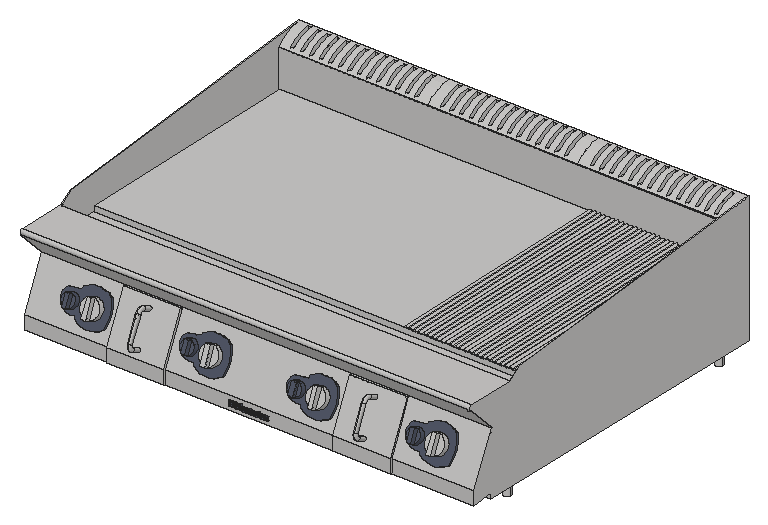
Revit family "QF_ELECTROLUXPROFESSIONAL_391406_E9IIKAAOMIA", category Specialty Equipment, Revit 2018 (continued)
Automatic sketch dimensions
  Extrusion 3 sketch curve to Extrusion 3 sketch curve = 0.938 mm
  Extrusion 3 sketch curve to Extrusion 3 sketch curve = 0.444 mm
  Extrusion 3 sketch curve to Extrusion 3 sketch curve = 1.11 mm  (x3)
  Extrusion 3 sketch curve to Extrusion 3 sketch curve = 0.215 mm
  Extrusion 3 sketch curve to plane 7 "Center Y" = 1.405 mm
  Extrusion 3 sketch curve to Extrusion 3 sketch curve = 1.43 mm
  Extrusion 3 sketch curve to Extrusion 3 sketch curve = 1.188 mm
  Extrusion 3 sketch curve to Extrusion 3 sketch curve = 1.21 mm  (x2)
  Extrusion 3 sketch curve to Extrusion 3 sketch curve = 0.503 mm
  Extrusion 3 sketch curve to Extrusion 3 sketch curve = 0.488 mm
  Extrusion 3 sketch curve to Extrusion 3 sketch curve = 0.462 mm
  Extrusion 3 sketch curve to Extrusion 3 sketch curve = 1.386 mm
  Extrusion 3 sketch curve to Extrusion 3 sketch curve = 1.742 mm  (x2)
  Extrusion 3 sketch curve to Extrusion 3 sketch curve = 0.821 mm
  Extrusion 3 sketch curve to Extrusion 3 sketch curve = 0.497 mm
  Extrusion 3 sketch curve to Extrusion 3 sketch curve = 0.539 mm
  Extrusion 3 sketch curve to Extrusion 3 sketch curve = 0.199 mm
  Extrusion 3 sketch curve to Extrusion 3 sketch curve = 0.408 mm
  Extrusion 3 sketch curve to Extrusion 3 sketch curve = 0.528 mm
  Extrusion 3 sketch curve to Extrusion 3 sketch curve = 1.16 mm
  Extrusion 3 sketch curve to Extrusion 3 sketch curve = 0.329 mm
  Extrusion 3 sketch curve to Extrusion 3 sketch curve = 1.054 mm
  Extrusion 3 sketch curve to Extrusion 3 sketch curve = 1.056 mm
  Extrusion 3 sketch curve to Extrusion 3 sketch curve = 0.129 mm
  Extrusion 3 sketch curve to Extrusion 3 sketch curve = 0.489 mm
  Extrusion 3 sketch curve to Extrusion 3 sketch curve = 0.441 mm
  Extrusion 3 sketch curve to Extrusion 3 sketch curve = 1.151 mm
  Extrusion 3 sketch curve to Extrusion 3 sketch curve = 1.141 mm  (x2)
  Extrusion 3 sketch curve to Extrusion 3 sketch curve = 1.23 mm
  Extrusion 3 sketch curve to Extrusion 3 sketch curve = 1.653 mm
  Extrusion 3 sketch curve to Extrusion 3 sketch curve = 0.499 mm
  Extrusion 3 sketch curve to Extrusion 3 sketch curve = 0.964 mm
  Extrusion 3 sketch curve to Extrusion 3 sketch curve = 0.949 mm
  Extrusion 3 sketch curve to Extrusion 3 sketch curve = 1.345 mm  (x2)
  Extrusion 3 sketch curve to Extrusion 3 sketch curve = 0.137 mm  (x2)
  Extrusion 3 sketch curve to Extrusion 3 sketch curve = 0.432 mm
  Extrusion 3 sketch curve to Extrusion 3 sketch curve = 1.142 mm
  Extrusion 3 sketch curve to Extrusion 3 sketch curve = 0.959 mm
  Extrusion 3 sketch curve to Extrusion 3 sketch curve = 0.176 mm
  Extrusion 3 sketch curve to Extrusion 3 sketch curve = 0.728 mm
  Extrusion 3 sketch curve to Extrusion 3 sketch curve = 3.375 mm  (x2)
  Extrusion 3 sketch curve to Extrusion 3 sketch curve = 0.541 mm
  Extrusion 3 sketch curve to Extrusion 3 sketch curve = 0.955 mm
  Extrusion 3 sketch curve to Extrusion 3 sketch curve = 1.251 mm
  Extrusion 3 sketch curve to Extrusion 3 sketch curve = 0.572 mm
  Extrusion 3 sketch curve to Extrusion 3 sketch curve = 1.92 mm
  Extrusion 3 sketch curve to Extrusion 3 sketch curve = 1.224 mm
  Extrusion 3 sketch curve to Extrusion 3 sketch curve = 0.745 mm
  Extrusion 3 sketch curve to Extrusion 3 sketch curve = 2.537 mm
  Extrusion 3 sketch curve to Extrusion 3 sketch curve = 0.896 mm  (x3)
  Extrusion 3 sketch curve to Extrusion 3 sketch curve = 0.036 mm
  Extrusion 3 sketch curve to Extrusion 3 sketch curve = 2.607 mm
  Extrusion 3 sketch curve to Extrusion 3 sketch curve = 0.066 mm
  Extrusion 3 sketch curve to Extrusion 3 sketch curve = 0.248 mm
  Extrusion 3 sketch curve to Extrusion 3 sketch curve = 0.449 mm
  Extrusion 3 sketch curve to Extrusion 3 sketch curve = 1.052 mm
  Extrusion 3 sketch curve to Extrusion 3 sketch curve = 1.863 mm
  Extrusion 3 sketch curve to Extrusion 3 sketch curve = 1.31 mm  (x2)
  Extrusion 3 sketch curve to Extrusion 3 sketch curve = 0.901 mm
  Extrusion 3 sketch curve to Extrusion 3 sketch curve = 1.107 mm
  Extrusion 3 sketch curve to Extrusion 3 sketch curve = 2.122 mm
  Extrusion 3 sketch curve to Extrusion 3 sketch curve = 2.101 mm
  Extrusion 3 sketch curve to Extrusion 3 sketch curve = 0.106 mm
  Extrusion 3 sketch curve to Extrusion 3 sketch curve = 0.029 mm
  Extrusion 3 sketch curve to Extrusion 3 sketch curve = 2.09 mm
  Extrusion 3 sketch curve to Extrusion 3 sketch curve = 1.279 mm
  Extrusion 3 sketch curve to Extrusion 3 sketch curve = 2.008 mm
  Extrusion 3 sketch curve to Extrusion 3 sketch curve = 0.738 mm
  Extrusion 3 sketch curve to Extrusion 3 sketch curve = 0.382 mm
  Extrusion 3 sketch curve to Extrusion 3 sketch curve = 0.384 mm
  Extrusion 3 sketch curve to Extrusion 3 sketch curve = 0.002 mm
  Extrusion 3 sketch curve to Extrusion 3 sketch curve = 0.561 mm
  Extrusion 3 sketch curve to Extrusion 3 sketch curve = 0.592 mm
  Extrusion 3 sketch curve to Extrusion 3 sketch curve = 2.692 mm
  Extrusion 3 sketch curve to Extrusion 3 sketch curve = 1.259 mm
  Extrusion 3 sketch curve to Extrusion 3 sketch curve = 0.802 mm
  Extrusion 3 sketch curve to Extrusion 3 sketch curve = 1.024 mm
  Extrusion 3 sketch curve to Extrusion 3 sketch curve = 0.682 mm
  Extrusion 3 sketch curve to Extrusion 3 sketch curve = 5.934 mm
  Extrusion 3 sketch curve to Extrusion 3 sketch curve = 2.186 mm
  Extrusion 3 sketch curve to Extrusion 3 sketch curve = 0.337 mm
  Extrusion 3 sketch curve to Extrusion 3 sketch curve = 0.021 mm
  Extrusion 3 sketch curve to Extrusion 3 sketch curve = 1.005 mm
  Extrusion 3 sketch curve to Extrusion 3 sketch curve = 0.552 mm
  Extrusion 3 sketch curve to Extrusion 3 sketch curve = 0.778 mm
  Extrusion 3 sketch curve to Extrusion 3 sketch curve = 0.063 mm
  Extrusion 3 sketch curve to Extrusion 3 sketch curve = 1.023 mm
  Extrusion 3 sketch curve to Extrusion 3 sketch curve = 3.804 mm
  Extrusion 3 sketch curve to Extrusion 3 sketch curve = 0.486 mm
  Extrusion 3 sketch curve to Extrusion 3 sketch curve = 0.266 mm  (x2)
  Extrusion 3 sketch curve to Extrusion 3 sketch curve = 1.547 mm
  Extrusion 3 sketch curve to Extrusion 3 sketch curve = 0.717 mm  (x2)
  Extrusion 3 sketch curve to Extrusion 3 sketch curve = 1.667 mm
  Extrusion 3 sketch curve to Extrusion 3 sketch curve = 3.174 mm
  Extrusion 3 sketch curve to Extrusion 3 sketch curve = 0.388 mm
  Extrusion 3 sketch curve to Extrusion 3 sketch curve = 1.342 mm
  Extrusion 3 sketch curve to Extrusion 3 sketch curve = 1.521 mm
  Extrusion 3 sketch curve to Extrusion 3 sketch curve = 0.124 mm
  Extrusion 3 sketch curve to Extrusion 3 sketch curve = 0.291 mm
  plane 7 "Center Y" to Extrusion 3 sketch curve = 5.548 mm
  Extrusion 3 sketch curve to Extrusion 3 sketch curve = 1.049 mm  (x2)
  Extrusion 3 sketch curve to Extrusion 3 sketch curve = 1.7 mm
  Extrusion 3 sketch curve to Extrusion 3 sketch curve = 0.894 mm
  Extrusion 3 sketch curve to Extrusion 3 sketch curve = 0.989 mm
  Extrusion 3 sketch curve to Extrusion 3 sketch curve = 1.168 mm
  Extrusion 3 sketch curve to Extrusion 3 sketch curve = 1.594 mm
  Extrusion 3 sketch curve to Extrusion 3 sketch curve = 0.731 mm
  Extrusion 3 sketch curve to Extrusion 3 sketch curve = 1.566 mm
  Extrusion 3 sketch curve to Extrusion 3 sketch curve = 0.064 mm
  plane 7 "Center Y" to Extrusion 3 sketch curve = 6.105 mm
  Extrusion 3 sketch curve to Extrusion 3 sketch curve = 0.556 mm  (x2)
  Extrusion 3 sketch curve to Extrusion 3 sketch curve = 0.48 mm
  Extrusion 3 sketch curve to Extrusion 3 sketch curve = 0.228 mm
  Extrusion 3 sketch curve to Extrusion 3 sketch curve = 1.018 mm
  Extrusion 3 sketch curve to Extrusion 3 sketch curve = 0.787 mm
  Extrusion 3 sketch curve to Extrusion 3 sketch curve = 0.618 mm
  Extrusion 3 sketch curve to Extrusion 3 sketch curve = 1.672 mm
  Extrusion 3 sketch curve to Extrusion 3 sketch curve = 1.361 mm
  Extrusion 3 sketch curve to Extrusion 3 sketch curve = 0.822 mm
  Extrusion 3 sketch curve to Extrusion 3 sketch curve = 0.069 mm
  Extrusion 3 sketch curve to Extrusion 3 sketch curve = 1.88 mm
  Extrusion 3 sketch curve to Extrusion 3 sketch curve = 0.42 mm
  Extrusion 3 sketch curve to Extrusion 3 sketch curve = 0.062 mm
  Extrusion 3 sketch curve to Extrusion 3 sketch curve = 1.355 mm
  Extrusion 3 sketch curve to Extrusion 3 sketch curve = 2.34 mm
  Extrusion 3 sketch curve to Extrusion 3 sketch curve = 0.493 mm
  Extrusion 3 sketch curve to Extrusion 3 sketch curve = 0.136 mm
  Extrusion 3 sketch curve to Extrusion 3 sketch curve = 0.128 mm
  Extrusion 3 sketch curve to Extrusion 3 sketch curve = 3.616 mm
  Extrusion 3 sketch curve to Extrusion 3 sketch curve = 4.207 mm
  Extrusion 3 sketch curve to Extrusion 3 sketch curve = 0.183 mm
  Extrusion 3 sketch curve to Extrusion 3 sketch curve = 0.895 mm
  Extrusion 3 sketch curve to Extrusion 3 sketch curve = 1.314 mm
  Extrusion 3 sketch curve to Extrusion 3 sketch curve = 3.231 mm
  Extrusion 3 sketch curve to Extrusion 3 sketch curve = 1.299 mm
  Extrusion 3 sketch curve to Extrusion 3 sketch curve = 1.214 mm
  Extrusion 3 sketch curve to Extrusion 3 sketch curve = 1.264 mm
  Extrusion 3 sketch curve to Extrusion 3 sketch curve = 0.109 mm
  Extrusion 3 sketch curve to Extrusion 3 sketch curve = 0.357 mm
  Extrusion 3 sketch curve to Extrusion 3 sketch curve = 0.565 mm
  Extrusion 3 sketch curve to Extrusion 3 sketch curve = 2.504 mm
  Extrusion 3 sketch curve to Extrusion 3 sketch curve = 2.459 mm
  Extrusion 3 sketch curve to Extrusion 3 sketch curve = 1.322 mm
  Extrusion 3 sketch curve to Extrusion 3 sketch curve = 2.77 mm
  Extrusion 3 sketch curve to Extrusion 3 sketch curve = 2.51 mm
  Extrusion 3 sketch curve to Extrusion 3 sketch curve = 0.187 mm
  Extrusion 3 sketch curve to Extrusion 3 sketch curve = 2.559 mm
  Extrusion 3 sketch curve to Extrusion 3 sketch curve = 1.556 mm
  Extrusion 3 sketch curve to Extrusion 3 sketch curve = 0.222 mm
  Extrusion 3 sketch curve to Extrusion 3 sketch curve = 1.383 mm
  Extrusion 3 sketch curve to Extrusion 3 sketch curve = 3.114 mm
  Extrusion 3 sketch curve to Extrusion 3 sketch curve = 3.376 mm
  Extrusion 3 sketch curve to Extrusion 3 sketch curve = 0.934 mm
  Extrusion 3 sketch curve to Extrusion 3 sketch curve = 0.191 mm
  Extrusion 3 sketch curve to Extrusion 3 sketch curve = 3.696 mm
  Extrusion 3 sketch curve to Extrusion 3 sketch curve = 2.708 mm
  Extrusion 3 sketch curve to Extrusion 3 sketch curve = 3.333 mm
  Extrusion 3 sketch curve to Extrusion 3 sketch curve = 0.332 mm
  Extrusion 3 sketch curve to Extrusion 3 sketch curve = 1.087 mm
  Extrusion 3 sketch curve to Extrusion 3 sketch curve = 2.23 mm
  Extrusion 3 sketch curve to Extrusion 3 sketch curve = 2.757 mm
  Extrusion 3 sketch curve to Extrusion 3 sketch curve = 0.987 mm
  Extrusion 3 sketch curve to Extrusion 3 sketch curve = 1.529 mm
  Extrusion 3 sketch curve to Extrusion 3 sketch curve = 1.796 mm
  Extrusion 3 sketch curve to Extrusion 3 sketch curve = 2.859 mm
  Extrusion 3 sketch curve to Extrusion 3 sketch curve = 0.853 mm
  Extrusion 3 sketch curve to Extrusion 3 sketch curve = 1.241 mm
  Extrusion 3 sketch curve to Extrusion 3 sketch curve = 2.046 mm  (x2)
  Extrusion 3 sketch curve to Extrusion 3 sketch curve = 2.422 mm
  Extrusion 3 sketch curve to Extrusion 3 sketch curve = 0.27 mm  (x2)
  Extrusion 3 sketch curve to Extrusion 3 sketch curve = 0.69 mm
  Extrusion 3 sketch curve to Extrusion 3 sketch curve = 0.781 mm  (x2)
  Extrusion 3 sketch curve to Extrusion 3 sketch curve = 3.136 mm
  Extrusion 3 sketch curve to Extrusion 3 sketch curve = 1.767 mm
  Extrusion 3 sketch curve to Extrusion 3 sketch curve = 0.138 mm
  Extrusion 3 sketch curve to Extrusion 3 sketch curve = 0.777 mm
  Extrusion 3 sketch curve to Extrusion 3 sketch curve = 1.19 mm
  Extrusion 3 sketch curve to Extrusion 3 sketch curve = 0.782 mm
  Extrusion 3 sketch curve to Extrusion 3 sketch curve = 1.268 mm
  Extrusion 3 sketch curve to Extrusion 3 sketch curve = 0.422 mm  (x2)
  Extrusion 3 sketch curve to Extrusion 3 sketch curve = 1.559 mm
  Extrusion 3 sketch curve to Extrusion 3 sketch curve = 3.927 mm
  Extrusion 3 sketch curve to Extrusion 3 sketch curve = 0.983 mm
  Extrusion 3 sketch curve to Extrusion 3 sketch curve = 1.134 mm
  Extrusion 3 sketch curve to Extrusion 3 sketch curve = 0.094 mm
  Extrusion 3 sketch curve to Extrusion 3 sketch curve = 1.584 mm
  Extrusion 3 sketch curve to plane 7 "Center Y" = 1.098 mm
  Extrusion 3 sketch curve to Extrusion 3 sketch curve = 0.643 mm
  Extrusion 3 sketch curve to Extrusion 3 sketch curve = 0.916 mm
  Extrusion 3 sketch curve to Extrusion 3 sketch curve = 0.352 mm
  Extrusion 3 sketch curve to Extrusion 3 sketch curve = 0.458 mm
  Extrusion 3 sketch curve to Extrusion 3 sketch curve = 1.282 mm
  Extrusion 3 sketch curve to Extrusion 3 sketch curve = 1.363 mm
  Extrusion 3 sketch curve to Extrusion 3 sketch curve = 0.685 mm
  Extrusion 3 sketch curve to Extrusion 3 sketch curve = 0.905 mm
  Extrusion 3 sketch curve to Extrusion 3 sketch curve = 2.865 mm
  Extrusion 3 sketch curve to Extrusion 3 sketch curve = 0.472 mm
  Extrusion 3 sketch curve to Extrusion 3 sketch curve = 0.101 mm
  Extrusion 3 sketch curve to Extrusion 3 sketch curve = 0.54 mm
  Extrusion 3 sketch curve to Extrusion 3 sketch curve = 0.02 mm
  Extrusion 3 sketch curve to Extrusion 3 sketch curve = 0.468 mm
  Extrusion 3 sketch curve to Extrusion 3 sketch curve = 0.829 mm
  Extrusion 3 sketch curve to Extrusion 3 sketch curve = 0.582 mm
  Extrusion 3 sketch curve to Extrusion 3 sketch curve = 0.166 mm
  Extrusion 3 sketch curve to Extrusion 3 sketch curve = 0.16 mm
  Extrusion 3 sketch curve to Extrusion 3 sketch curve = 2.781 mm
  Extrusion 3 sketch curve to Extrusion 3 sketch curve = 1.118 mm
  Extrusion 3 sketch curve to Extrusion 3 sketch curve = 0.613 mm
  Extrusion 3 sketch curve to Extrusion 3 sketch curve = 0.361 mm
  Extrusion 3 sketch curve to Extrusion 3 sketch curve = 0.897 mm
  Extrusion 3 sketch curve to Extrusion 3 sketch curve = 0.167 mm
  Extrusion 3 sketch curve to Extrusion 3 sketch curve = 0.292 mm
  Extrusion 3 sketch curve to Extrusion 3 sketch curve = 0.305 mm
  Extrusion 3 sketch curve to Extrusion 3 sketch curve = 1.557 mm
  Extrusion 3 sketch curve to Extrusion 3 sketch curve = 2.499 mm
  Extrusion 3 sketch curve to Extrusion 3 sketch curve = 3.062 mm
  Extrusion 3 sketch curve to Extrusion 3 sketch curve = 2.968 mm
  Extrusion 3 sketch curve to Extrusion 3 sketch curve = 5.044 mm
  Extrusion 3 sketch curve to Extrusion 3 sketch curve = 0.629 mm  (x2)
  Extrusion 3 sketch curve to Extrusion 3 sketch curve = 1.131 mm
  Extrusion 3 sketch curve to Extrusion 3 sketch curve = 0.027 mm
  Extrusion 3 sketch curve to Extrusion 3 sketch curve = 2.235 mm
  Extrusion 4 sketch curve to plane 12 = 0 mm
  Extrusion 4 sketch curve to plane 1 "BACK" = 0 mm
  Extrusion 4 sketch curve to plane 6 "TOP" = 0 mm
  Extrusion 4 sketch curve to plane 14 = 28.404 mm
  plane 14 to Extrusion 4 sketch curve = 5 mm
  Extrusion 4 sketch curve to plane 12 = 60 mm
  plane 12 to Extrusion 4 sketch curve = 21.916 mm
  Extrusion 5 sketch curve to plane 1 "BACK" = 0 mm
  Extrusion 5 sketch curve to plane 12 = 0 mm
  Extrusion 5 sketch curve to plane 6 "TOP" = 0 mm
  Extrusion 5 sketch curve to plane 14 = 28.404 mm
  plane 14 to Extrusion 5 sketch curve = 5 mm
  Extrusion 5 sketch curve to plane 12 = 60 mm
  plane 12 to Extrusion 5 sketch curve = 21.916 mm
  Extrusion 6 sketch curve to plane 1 "BACK" = 0 mm
  Extrusion 6 sketch curve to plane 6 "TOP" = 0 mm
  Extrusion 6 sketch curve to plane 13 = 12.15 mm
  Extrusion 6 sketch curve to plane 1 "BACK" = 5.211 mm
  Extrusion 6 sketch curve to plane 6 "TOP" = 31.7 mm
  plane 1 "BACK" to Extrusion 7 sketch curve = 6.761 mm  (x14)
  Extrusion 7 sketch curve to plane 13 = 18.089 mm  (x7)
  Extrusion 7 sketch curve to Extrusion 7 sketch curve = 0 mm  (x7)
  Extrusion 7 sketch curve to plane 11 = 18.703 mm
  Extrusion 7 sketch curve to Extrusion 7 sketch curve = 9.296 mm  (x14)
  Extrusion 7 sketch curve to Extrusion 7 sketch curve = 16.193 mm  (x13)
  Extrusion 8 sketch curve to plane 1 "BACK" = 0 mm
  Extrusion 8 sketch curve to plane 6 "TOP" = 0 mm
  Extrusion 8 sketch curve to plane 13 = 12.15 mm
  Extrusion 8 sketch curve to plane 1 "BACK" = 5.211 mm
  Extrusion 8 sketch curve to plane 6 "TOP" = 31.7 mm
  plane 1 "BACK" to Extrusion 9 sketch curve = 6.761 mm  (x14)
  Extrusion 9 sketch curve to plane 13 = 18.089 mm  (x7)
  Extrusion 9 sketch curve to plane 7 "Center Y" = 8.021 mm
  Extrusion 9 sketch curve to Extrusion 9 sketch curve = 0 mm  (x7)
  Extrusion 9 sketch curve to Extrusion 9 sketch curve = 9.296 mm  (x14)
  Extrusion 9 sketch curve to Extrusion 9 sketch curve = 16.193 mm  (x12)
  plane 7 "Center Y" to Extrusion 9 sketch curve = 8.171 mm
  Extrusion 10 sketch curve to plane 1 "BACK" = 0 mm
  Extrusion 10 sketch curve to plane 6 "TOP" = 0 mm
  Extrusion 10 sketch curve to plane 13 = 12.15 mm
  Extrusion 10 sketch curve to plane 1 "BACK" = 5.211 mm
  Extrusion 10 sketch curve to plane 6 "TOP" = 31.7 mm
  plane 1 "BACK" to Extrusion 11 sketch curve = 6.761 mm  (x14)
  Extrusion 11 sketch curve to plane 13 = 18.089 mm  (x7)
  Extrusion 11 sketch curve to Extrusion 11 sketch curve = 0 mm  (x7)
  plane 7 "Center Y" to Extrusion 11 sketch curve = 229.803 mm
  Extrusion 11 sketch curve to Extrusion 11 sketch curve = 9.296 mm  (x14)
  Extrusion 11 sketch curve to Extrusion 11 sketch curve = 16.193 mm  (x13)
  Extrusion 12 sketch curve to plane 12 = 45 mm
  Extrusion 12 sketch curve to plane 14 = 100.044 mm
  Extrusion 12 sketch curve to plane 13 = 10.485 mm
  Extrusion 12 sketch curve to Extrusion 12 sketch curve = 15 mm
  Extrusion 12 sketch curve to Extrusion 12 sketch curve = 23.235 mm
  Extrusion 1 to Extrusion 13 sketch curve = 0 mm
  Extrusion 1 to Extrusion 13 sketch curve = 1.6 mm  (x2)
  Extrusion 1 to Extrusion 13 sketch curve = 71.515 mm
  Extrusion 14 sketch curve to plane 5 "FRONT" = 11.8 mm
  Extrusion 14 sketch curve to Extrusion 14 sketch curve = 3.2 mm
  Extrusion 14 sketch curve to plane 5 "FRONT" = 68.449 mm
  Extrusion 14 sketch curve to Extrusion 14 sketch curve = 2.907 mm
  plane 9 to Extrusion 14 sketch curve = 6.922 mm
  Extrusion 14 sketch curve to Extrusion 14 sketch curve = 34.792 mm
  Extrusion 14 sketch curve to Extrusion 14 sketch curve = 0.701 mm
  plane 9 to Extrusion 15 sketch curve = 6.922 mm
  plane 17 to Extrusion 15 sketch curve = 24.406 mm
  plane 17 to Extrusion 15 sketch curve = 81.055 mm
  Extrusion 15 sketch curve to plane 5 "FRONT" = 11.8 mm
  Extrusion 15 sketch curve to plane 5 "FRONT" = 68.449 mm
  Extrusion 15 sketch curve to Extrusion 15 sketch curve = 35.493 mm  (x2)
  Extrusion 15 sketch curve to plane 12 = 85.504 mm
  Extrusion 16 sketch curve to plane 5 "FRONT" = 11.8 mm
  Extrusion 16 sketch curve to Extrusion 16 sketch curve = 3.2 mm
  Extrusion 16 sketch curve to plane 5 "FRONT" = 68.449 mm
  Extrusion 16 sketch curve to Extrusion 16 sketch curve = 2.907 mm
  Extrusion 16 sketch curve to plane 12 = 85.504 mm
  Extrusion 16 sketch curve to Extrusion 16 sketch curve = 1.338 mm
  plane 9 to Extrusion 16 sketch curve = 6.922 mm
  plane 17 to Extrusion 17 sketch curve = 24.406 mm
  plane 17 to Extrusion 17 sketch curve = 81.055 mm
  Extrusion 17 sketch curve to plane 5 "FRONT" = 11.8 mm
  Extrusion 17 sketch curve to plane 5 "FRONT" = 68.449 mm
  Extrusion 17 sketch curve to plane 12 = 85.504 mm
  plane 9 to Extrusion 17 sketch curve = 42.415 mm  (x2)
  plane 9 to Extrusion 17 sketch curve = 6.922 mm
  Extrusion 18 sketch curve to Extrusion 18 sketch curve = 0 mm  (x2)
  Extrusion 18 sketch curve to plane 7 "Center Y" = 150.643 mm
  Extrusion 18 sketch curve to Extrusion 18 sketch curve = 112.63 mm
  Extrusion 18 sketch curve to Extrusion 18 sketch curve = 1.398 mm
  Extrusion 18 sketch curve to Extrusion 18 sketch curve = 5.918 mm
  Extrusion 18 sketch curve to Extrusion 18 sketch curve = 7.825 mm
  Extrusion 18 sketch curve to Extrusion 18 sketch curve = 12.433 mm
  Extrusion 18 sketch curve to Extrusion 18 sketch curve = 33.329 mm
  Extrusion 18 sketch curve to Extrusion 18 sketch curve = 28.808 mm
  Extrusion 18 sketch curve to Extrusion 18 sketch curve = 2.986 mm
  Extrusion 18 sketch curve to Extrusion 18 sketch curve = 35.441 mm
  Extrusion 18 sketch curve to Extrusion 18 sketch curve = 23.969 mm
  Extrusion 18 sketch curve to Extrusion 18 sketch curve = 31.993 mm
  Extrusion 18 sketch curve to Extrusion 18 sketch curve = 0.131 mm
  Extrusion 18 sketch curve to Extrusion 18 sketch curve = 36.738 mm
  Extrusion 18 sketch curve to Extrusion 18 sketch curve = 6.105 mm
  Extrusion 18 sketch curve to plane 7 "Center Y" = 119.675 mm
  Extrusion 18 sketch curve to Extrusion 18 sketch curve = 0.002 mm
  Extrusion 18 sketch curve to Extrusion 18 sketch curve = 38.412 mm
  Extrusion 18 sketch curve to Extrusion 18 sketch curve = 39.831 mm
  Extrusion 18 sketch curve to Extrusion 18 sketch curve = 6.427 mm
  Extrusion 18 sketch curve to Extrusion 18 sketch curve = 11.842 mm
  Extrusion 20 sketch curve to Extrusion 20 sketch curve = 24.732 mm
  Extrusion 20 sketch curve to Extrusion 20 sketch curve = 0 mm
  Extrusion 22 sketch curve to Extrusion 22 sketch curve = 0 mm
  Extrusion 22 sketch curve to Extrusion 22 sketch curve = 7.232 mm  (x3)
  Extrusion 22 sketch curve to Extrusion 22 sketch curve = 17.5 mm
  Extrusion 22 sketch curve to Extrusion 22 sketch curve = 5.786 mm
  Extrusion 23 sketch curve to Extrusion 23 sketch curve = 0 mm  (x2)
  Extrusion 23 sketch curve to plane 11 = 120.857 mm
  Extrusion 23 sketch curve to Extrusion 23 sketch curve = 112.63 mm
  Extrusion 23 sketch curve to Extrusion 23 sketch curve = 1.398 mm
  Extrusion 23 sketch curve to Extrusion 23 sketch curve = 5.918 mm
  Extrusion 23 sketch curve to Extrusion 23 sketch curve = 7.825 mm
  Extrusion 23 sketch curve to Extrusion 23 sketch curve = 12.433 mm
  Extrusion 23 sketch curve to Extrusion 23 sketch curve = 33.329 mm
  Extrusion 23 sketch curve to Extrusion 23 sketch curve = 28.808 mm
  Extrusion 23 sketch curve to Extrusion 23 sketch curve = 2.986 mm
  Extrusion 23 sketch curve to Extrusion 23 sketch curve = 35.441 mm
  Extrusion 23 sketch curve to Extrusion 23 sketch curve = 23.969 mm
  Extrusion 23 sketch curve to Extrusion 23 sketch curve = 31.993 mm
  Extrusion 23 sketch curve to Extrusion 23 sketch curve = 0.131 mm
  Extrusion 23 sketch curve to Extrusion 23 sketch curve = 36.738 mm
  Extrusion 23 sketch curve to Extrusion 23 sketch curve = 6.105 mm
  Extrusion 23 sketch curve to plane 11 = 151.825 mm
  Extrusion 23 sketch curve to Extrusion 23 sketch curve = 0.002 mm
  Extrusion 23 sketch curve to Extrusion 23 sketch curve = 38.412 mm
  Extrusion 23 sketch curve to Extrusion 23 sketch curve = 39.831 mm
  Extrusion 23 sketch curve to Extrusion 23 sketch curve = 6.427 mm
  Extrusion 23 sketch curve to Extrusion 23 sketch curve = 11.842 mm
  Extrusion 25 sketch curve to Extrusion 25 sketch curve = 24.732 mm
  Extrusion 25 sketch curve to Extrusion 25 sketch curve = 0 mm
  Extrusion 27 sketch curve to Extrusion 27 sketch curve = 0 mm
  Extrusion 27 sketch curve to Extrusion 27 sketch curve = 7.232 mm  (x3)
  Extrusion 27 sketch curve to Extrusion 27 sketch curve = 17.5 mm
  Extrusion 27 sketch curve to Extrusion 27 sketch curve = 5.786 mm
  Extrusion 28 sketch curve to Extrusion 28 sketch curve = 0 mm  (x2)
  Extrusion 28 sketch curve to plane 10 = 135.793 mm
  Extrusion 28 sketch curve to Extrusion 28 sketch curve = 112.63 mm
  Extrusion 28 sketch curve to Extrusion 28 sketch curve = 1.398 mm
  Extrusion 28 sketch curve to Extrusion 28 sketch curve = 5.918 mm
  Extrusion 28 sketch curve to Extrusion 28 sketch curve = 7.825 mm
  Extrusion 28 sketch curve to Extrusion 28 sketch curve = 12.433 mm
  Extrusion 28 sketch curve to Extrusion 28 sketch curve = 33.329 mm
  Extrusion 28 sketch curve to Extrusion 28 sketch curve = 28.808 mm
  Extrusion 28 sketch curve to Extrusion 28 sketch curve = 2.986 mm
  Extrusion 28 sketch curve to Extrusion 28 sketch curve = 35.441 mm
  Extrusion 28 sketch curve to Extrusion 28 sketch curve = 23.969 mm
  Extrusion 28 sketch curve to Extrusion 28 sketch curve = 31.993 mm
  Extrusion 28 sketch curve to Extrusion 28 sketch curve = 0.131 mm
  Extrusion 28 sketch curve to Extrusion 28 sketch curve = 36.738 mm
  Extrusion 28 sketch curve to Extrusion 28 sketch curve = 6.105 mm
  Extrusion 28 sketch curve to plane 10 = 104.825 mm
  Extrusion 28 sketch curve to Extrusion 28 sketch curve = 0.002 mm
  Extrusion 28 sketch curve to Extrusion 28 sketch curve = 38.412 mm
  Extrusion 28 sketch curve to Extrusion 28 sketch curve = 39.831 mm
  Extrusion 28 sketch curve to Extrusion 28 sketch curve = 6.427 mm
  Extrusion 28 sketch curve to Extrusion 28 sketch curve = 11.842 mm
  Extrusion 30 sketch curve to Extrusion 30 sketch curve = 24.732 mm
  Extrusion 30 sketch curve to Extrusion 30 sketch curve = 0 mm
  Extrusion 32 sketch curve to Extrusion 32 sketch curve = 0 mm
  Extrusion 32 sketch curve to Extrusion 32 sketch curve = 7.232 mm  (x3)
  Extrusion 32 sketch curve to Extrusion 32 sketch curve = 17.5 mm
  Extrusion 32 sketch curve to Extrusion 32 sketch curve = 5.786 mm
  Extrusion 33 sketch curve to Extrusion 33 sketch curve = 0 mm  (x2)
  plane 7 "Center Y" to Extrusion 33 sketch curve = 135.707 mm
  Extrusion 33 sketch curve to Extrusion 33 sketch curve = 112.63 mm
  Extrusion 33 sketch curve to Extrusion 33 sketch curve = 1.398 mm
  Extrusion 33 sketch curve to Extrusion 33 sketch curve = 5.918 mm
  Extrusion 33 sketch curve to Extrusion 33 sketch curve = 7.825 mm
  Extrusion 33 sketch curve to Extrusion 33 sketch curve = 12.433 mm
  Extrusion 33 sketch curve to Extrusion 33 sketch curve = 33.329 mm
  Extrusion 33 sketch curve to Extrusion 33 sketch curve = 28.808 mm
  Extrusion 33 sketch curve to Extrusion 33 sketch curve = 2.986 mm
  Extrusion 33 sketch curve to Extrusion 33 sketch curve = 35.441 mm
  Extrusion 33 sketch curve to Extrusion 33 sketch curve = 23.969 mm
  Extrusion 33 sketch curve to Extrusion 33 sketch curve = 31.993 mm
  Extrusion 33 sketch curve to Extrusion 33 sketch curve = 0.131 mm
  Extrusion 33 sketch curve to Extrusion 33 sketch curve = 36.738 mm
  Extrusion 33 sketch curve to Extrusion 33 sketch curve = 6.105 mm
  plane 7 "Center Y" to Extrusion 33 sketch curve = 166.675 mm
  Extrusion 33 sketch curve to Extrusion 33 sketch curve = 0.002 mm
  Extrusion 33 sketch curve to Extrusion 33 sketch curve = 38.412 mm
  Extrusion 33 sketch curve to Extrusion 33 sketch curve = 39.831 mm
  Extrusion 33 sketch curve to Extrusion 33 sketch curve = 6.427 mm
  Extrusion 33 sketch curve to Extrusion 33 sketch curve = 11.842 mm
  Extrusion 35 sketch curve to Extrusion 35 sketch curve = 24.732 mm
  Extrusion 35 sketch curve to Extrusion 35 sketch curve = 0 mm
  Extrusion 37 sketch curve to Extrusion 37 sketch curve = 0 mm
  Extrusion 37 sketch curve to Extrusion 37 sketch curve = 7.232 mm  (x3)
  Extrusion 37 sketch curve to Extrusion 37 sketch curve = 17.5 mm
  Extrusion 37 sketch curve to Extrusion 37 sketch curve = 5.786 mm
  Extrusion 38 sketch curve to Extrusion 6 = 277.95 mm
  Extrusion 38 sketch curve to Extrusion 6 = 754.95 mm
  plane 17 to Sweep 39 sketch curve = 5.74 mm
  plane 17 to Sweep 39 sketch curve = 11.967 mm
  Sweep 39 sketch curve to Sweep 39 sketch curve = 11.537 mm  (x3)
  Sweep 39 sketch curve to Sweep 39 sketch curve = 20.629 mm  (x2)
  plane 17 to Sweep 39 sketch curve = 33.288 mm
  Sweep 39 sketch curve to Sweep 39 sketch curve = 5.31 mm  (x2)
  plane 9 to Sweep 39 sketch curve = 60.209 mm
  Sweep 39 sketch curve to Sweep 39 sketch curve = 9.495 mm
  Sweep 39 sketch curve to Sweep 39 sketch curve = 59.852 mm
  Sweep 39 sketch curve to Sweep 39 sketch curve = 2.042 mm
  Sweep 39 sketch curve to profile plane = 0 mm  (x2)
  plane 17 to Sweep 40 sketch curve = 5.74 mm
  plane 17 to Sweep 40 sketch curve = 11.967 mm
  Sweep 40 sketch curve to Sweep 40 sketch curve = 11.537 mm  (x2)
  Sweep 40 sketch curve to Sweep 40 sketch curve = 20.629 mm  (x2)
  plane 17 to Sweep 40 sketch curve = 33.288 mm
  Sweep 40 sketch curve to Sweep 40 sketch curve = 5.31 mm  (x2)
  Sweep 40 sketch curve to plane 12 = 98.37 mm
  Sweep 40 sketch curve to Sweep 40 sketch curve = 6.227 mm
  Sweep 40 sketch curve to Sweep 40 sketch curve = 9.495 mm  (x2)
  Sweep 40 sketch curve to Sweep 40 sketch curve = 59.852 mm
  profile plane to Sweep 40 sketch curve = 0 mm
  Sweep 40 sketch curve to profile plane = 0 mm
  plane 5 "FRONT" to Extrusion 42 sketch curve = 0 mm  (x2)
  Extrusion 42 sketch curve to plane 3 "LEFT" = 0 mm
  plane 1 "BACK" to Extrusion 42 sketch curve = 0 mm
  Extrusion 42 sketch curve to plane 4 "RIGHT" = 0 mm
  Extrusion 42 sketch curve to plane 3 "LEFT" = 100 mm
  Extrusion 42 sketch curve to plane 4 "RIGHT" = 100 mm
  Extrusion 42 sketch curve to plane 1 "BACK" = 100 mm
  Sweep 43 sketch curve to plane 12 = 45 mm
  Sweep 43 sketch curve to plane 14 = 100.044 mm
  Sweep 43 sketch curve to plane 13 = 10.485 mm
  Sweep 43 sketch curve to plane 12 = 36.765 mm
  Sweep 43 sketch curve to profile plane = 0 mm  (x30)
  profile plane to Sweep 43 sketch curve = 3.736 mm  (x30)
  profile plane to Sweep 43 sketch curve = 399.566 mm
  Sweep 43 sketch curve to Sweep 43 sketch curve = 3.877 mm  (x60)
  Sweep 43 sketch curve to Sweep 43 sketch curve = 4.381 mm  (x29)
  plane 5 "FRONT" to Sweep 44 sketch curve = 6.866 mm
  plane 5 "FRONT" to Sweep 44 sketch curve = 0.639 mm
  Sweep 44 sketch curve to plane 5 "FRONT" = 4.671 mm
  Sweep 44 sketch curve to plane 5 "FRONT" = 19.99 mm
  Sweep 44 sketch curve to plane 5 "FRONT" = 20.682 mm
  Sweep 44 sketch curve to Sweep 44 sketch curve = 11.537 mm  (x2)
  Sweep 44 sketch curve to Sweep 44 sketch curve = 5.31 mm  (x2)
  Sweep 44 sketch curve to Sweep 44 sketch curve = 20.629 mm
  plane 9 to Sweep 44 sketch curve = 60.209 mm
  Sweep 44 sketch curve to Sweep 44 sketch curve = 9.495 mm
  Sweep 44 sketch curve to Sweep 44 sketch curve = 59.852 mm
  Sweep 44 sketch curve to Sweep 44 sketch curve = 2.042 mm
  Sweep 44 sketch curve to profile plane = 0 mm  (x2)
  plane 5 "FRONT" to Sweep 45 sketch curve = 6.866 mm
  plane 5 "FRONT" to Sweep 45 sketch curve = 0.639 mm
  Sweep 45 sketch curve to plane 5 "FRONT" = 4.671 mm
  Sweep 45 sketch curve to plane 5 "FRONT" = 19.99 mm
  Sweep 45 sketch curve to plane 5 "FRONT" = 20.682 mm
  Sweep 45 sketch curve to Sweep 45 sketch curve = 11.537 mm
  Sweep 45 sketch curve to Sweep 45 sketch curve = 5.31 mm  (x2)
  Sweep 45 sketch curve to Sweep 45 sketch curve = 20.629 mm
  Sweep 45 sketch curve to plane 12 = 98.37 mm
  Sweep 45 sketch curve to Sweep 45 sketch curve = 6.227 mm
  Sweep 45 sketch curve to Sweep 45 sketch curve = 9.495 mm  (x2)
  Sweep 45 sketch curve to Sweep 45 sketch curve = 59.852 mm
  profile plane to Sweep 45 sketch curve = 0 mm
  Sweep 45 sketch curve to profile plane = 0 mm
  plane 5 "FRONT" to curve 198 = 0 mm
  curve 4 to plane 3 "LEFT" = 0 mm
  plane 5 "FRONT" to curve 9 = 0 mm
  plane 1 "BACK" to curve 230 = 0 mm
  curve 6 to plane 4 "RIGHT" = 0 mm
  plane 5 "FRONT" to curve 196 = 0 mm
  curve 197 to plane 3 "LEFT" = 100 mm
  plane 3 "LEFT" to curve 8 = 1.6 mm
  curve 192 to plane 11 = 18.703 mm
  curve 194 to curve 193 = 9.296 mm
  curve 192 to curve 188 = 16.193 mm
  curve 188 to curve 189 = 9.296 mm
  curve 188 to curve 187 = 16.193 mm
  curve 186 to curve 186 = 9.296 mm
  plane 1 "BACK" to curve 182 = 6.761 mm
  curve 185 to curve 182 = 16.193 mm
  curve 180 to curve 180 = 9.296 mm
  plane 1 "BACK" to curve 179 = 6.761 mm
  curve 181 to curve 179 = 16.193 mm
  curve 176 to curve 177 = 9.296 mm
  curve 176 to curve 175 = 16.193 mm
  curve 172 to curve 173 = 9.296 mm
  plane 1 "BACK" to curve 171 = 6.761 mm
  curve 173 to curve 171 = 16.193 mm
  curve 170 to curve 169 = 9.296 mm
  curve 168 to curve 167 = 16.193 mm
  curve 166 to curve 165 = 9.296 mm
  plane 17 to curve 9 = 24.406 mm
  curve 9 to plane 11 = 210.15 mm
  plane 1 "BACK" to curve 162 = 6.761 mm
  curve 165 to curve 162 = 16.193 mm
  curve 162 to curve 161 = 9.296 mm
  curve 160 to curve 156 = 16.193 mm
  curve 158 to curve 157 = 9.296 mm
  curve 156 to curve 152 = 16.193 mm
  curve 9 to curve 13 = 72.72 mm
  curve 154 to curve 153 = 9.296 mm
  curve 13 to curve 14 = 0.212 mm
  curve 14 to curve 12 = 3.76 mm
  curve 12 to curve 13 = 0.703 mm
  curve 1 to plane 14 = 46.064 mm
  curve 9 to curve 1 = 78.422 mm
  curve 152 to curve 148 = 16.193 mm
  curve 148 to curve 148 = 9.296 mm
  plane 1 "BACK" to curve 147 = 6.761 mm
  curve 149 to curve 147 = 16.193 mm
  curve 144 to curve 144 = 9.296 mm
  curve 144 to curve 140 = 16.193 mm
  curve 142 to curve 141 = 9.296 mm
  plane 17 to curve 11 = 24.406 mm
  curve 17 to curve 11 = 71.781 mm
  curve 140 to curve 229 = 29.703 mm
  plane 1 "BACK" to curve 139 = 6.761 mm
  curve 229 to curve 139 = 29.703 mm
  curve 138 to curve 137 = 9.296 mm
  curve 136 to curve 135 = 16.193 mm
  curve 134 to curve 133 = 9.296 mm
  plane 1 "BACK" to curve 131 = 6.761 mm
  curve 133 to curve 131 = 16.193 mm
  curve 130 to curve 129 = 9.296 mm
  plane 1 "BACK" to curve 127 = 6.761 mm
  curve 129 to curve 127 = 16.193 mm
  curve 126 to curve 125 = 9.296 mm
  curve 124 to curve 123 = 16.193 mm
  curve 122 to curve 121 = 9.296 mm
  plane 1 "BACK" to curve 119 = 6.761 mm
  curve 121 to curve 119 = 16.193 mm
  curve 118 to curve 117 = 9.296 mm
  plane 1 "BACK" to curve 115 = 6.761 mm
  curve 117 to curve 115 = 16.193 mm
  curve 112 to plane 7 "Center Y" = 8.021 mm
  plane 7 "Center Y" to curve 111 = 8.171 mm
  curve 108 to curve 109 = 9.296 mm
  curve 108 to curve 107 = 16.193 mm
  curve 104 to curve 105 = 9.296 mm
  plane 1 "BACK" to curve 102 = 6.761 mm
  curve 105 to curve 102 = 16.193 mm
  curve 100 to curve 101 = 9.296 mm
  plane 1 "BACK" to curve 99 = 6.761 mm
  curve 101 to curve 99 = 16.193 mm
  curve 96 to curve 97 = 9.296 mm
  curve 96 to curve 95 = 16.193 mm
  curve 94 to curve 93 = 9.296 mm
  curve 92 to curve 91 = 16.193 mm
  curve 90 to curve 89 = 9.296 mm
  curve 88 to curve 87 = 16.193 mm
  curve 86 to curve 85 = 9.296 mm
  curve 230 to plane 13 = 10.485 mm
  curve 84 to curve 230 = 29.703 mm
  plane 17 to curve 18 = 24.406 mm
  plane 7 "Center Y" to curve 18 = 225 mm
  curve 230 to curve 80 = 29.703 mm
  curve 80 to curve 199 = 6.419 mm
  curve 199 to curve 81 = 2.876 mm
  curve 199 to curve 200 = 12.135 mm
  curve 200 to curve 76 = 6.934 mm
  curve 200 to curve 201 = 12.135 mm
  curve 201 to curve 76 = 4.096 mm
  curve 201 to curve 202 = 12.135 mm
  plane 1 "BACK" to curve 75 = 6.761 mm
  curve 77 to curve 75 = 16.193 mm
  curve 72 to curve 203 = 3.981 mm
  curve 203 to curve 73 = 5.315 mm
  curve 72 to curve 204 = 6.82 mm
  curve 18 to curve 22 = 72.72 mm
  curve 22 to curve 19 = 0.212 mm
  curve 204 to curve 2 = 3.533 mm
  curve 21 to curve 22 = 3.76 mm
  curve 21 to curve 22 = 0.703 mm
  curve 204 to curve 71 = 9.373 mm
  curve 204 to curve 205 = 12.135 mm
  curve 68 to curve 69 = 9.296 mm
  curve 205 to curve 206 = 12.135 mm
  plane 1 "BACK" to curve 66 = 6.761 mm
  curve 69 to curve 66 = 16.193 mm
  curve 206 to curve 207 = 12.135 mm
  curve 66 to curve 65 = 9.296 mm
  curve 207 to curve 208 = 12.135 mm
  curve 208 to curve 60 = 11.812 mm
  curve 60 to curve 209 = 0.323 mm
  curve 62 to curve 62 = 9.296 mm
  curve 60 to curve 210 = 3.162 mm
  curve 22 to curve 20 = 71.781 mm
  curve 210 to curve 211 = 12.135 mm
  plane 1 "BACK" to curve 59 = 6.761 mm
  curve 61 to curve 59 = 16.193 mm
  curve 58 to curve 58 = 9.296 mm
  curve 56 to curve 212 = 1.942 mm
  curve 212 to curve 213 = 12.135 mm
  curve 213 to curve 52 = 2.116 mm
  curve 54 to curve 54 = 9.296 mm
  curve 52 to curve 214 = 0.723 mm
  curve 214 to curve 215 = 12.135 mm
  plane 1 "BACK" to curve 50 = 6.761 mm
  curve 53 to curve 50 = 16.193 mm
  curve 48 to curve 216 = 8.799 mm
  curve 50 to curve 50 = 9.296 mm
  curve 216 to curve 217 = 12.135 mm
  plane 1 "BACK" to curve 47 = 6.761 mm
  curve 49 to curve 47 = 16.193 mm
  curve 217 to curve 218 = 12.135 mm
  curve 46 to curve 45 = 9.296 mm
  curve 218 to curve 219 = 12.135 mm
  curve 219 to curve 40 = 5.774 mm
  curve 40 to curve 220 = 6.361 mm
  curve 42 to curve 41 = 9.296 mm
  curve 40 to curve 221 = 9.199 mm
  curve 221 to curve 39 = 6.993 mm
  curve 221 to curve 222 = 12.135 mm
  curve 38 to curve 37 = 9.296 mm
  curve 36 to curve 223 = 7.98 mm
  plane 1 "BACK" to curve 35 = 6.761 mm
  curve 37 to curve 35 = 16.193 mm
  curve 223 to curve 224 = 12.135 mm
  curve 32 to curve 32 = 9.296 mm
  curve 32 to curve 225 = 6.761 mm
  plane 1 "BACK" to curve 31 = 6.761 mm
  curve 33 to curve 31 = 16.193 mm
  curve 225 to curve 226 = 12.135 mm
  curve 28 to curve 28 = 9.296 mm
  curve 28 to curve 227 = 5.542 mm
  curve 228 to plane 10 = 0.877 mm
  plane 4 "RIGHT" to curve 8 = 1.6 mm
  curve 196 to plane 4 "RIGHT" = 100 mm
  plane 17 to curve 26 = 24.406 mm
  plane 17 to curve 25 = 4.569 mm
  plane 17 to curve 14 = 4.569 mm
  curve 10 to curve 12 = 46.357 mm
  curve 12 to curve 13 = 0 mm
  curve 19 to curve 23 = 46.357 mm
  curve 21 to curve 24 = 0 mm
  curve 12 to curve 13 = 1.901 mm
  curve 21 to curve 21 = 1.901 mm
  plane 14 to curve 8 = 5 mm
  curve 2 to plane 14 = 46.064 mm
  curve 222 to plane 14 = 100.044 mm
  curve 212 to curve 57 = 7.604 mm
  curve 227 to curve 29 = 7.604 mm
  curve 210 to curve 60 = 7.604 mm
  curve 213 to curve 55 = 7.604 mm
  curve 208 to curve 64 = 7.604 mm
  curve 224 to curve 32 = 7.604 mm
  curve 206 to curve 68 = 7.604 mm
  curve 215 to curve 51 = 7.604 mm
  curve 203 to curve 72 = 7.604 mm
  curve 222 to curve 36 = 7.604 mm
  curve 201 to curve 76 = 7.604 mm
  curve 217 to curve 47 = 7.604 mm
  curve 199 to curve 80 = 7.604 mm
  curve 219 to curve 43 = 7.604 mm
  curve 84 to plane 13 = 18.089 mm
  curve 195 to plane 13 = 18.089 mm
  curve 88 to curve 84 = 0 mm
  curve 192 to curve 191 = 0 mm
  curve 92 to curve 88 = 0 mm
  curve 188 to curve 187 = 0 mm
  curve 96 to curve 92 = 0 mm
  curve 184 to curve 183 = 0 mm
  curve 100 to curve 96 = 0 mm
  curve 180 to curve 179 = 0 mm
  curve 104 to curve 100 = 0 mm
  curve 176 to curve 175 = 0 mm
  curve 108 to curve 104 = 0 mm
  curve 112 to curve 108 = 0 mm
  curve 172 to curve 171 = 0 mm
  curve 116 to curve 112 = 0 mm
  curve 168 to curve 167 = 0 mm
  curve 120 to curve 116 = 0 mm
  curve 164 to curve 163 = 0 mm
  curve 124 to curve 120 = 0 mm
  curve 160 to curve 159 = 0 mm
  curve 128 to curve 124 = 0 mm
  curve 156 to curve 155 = 0 mm
  curve 132 to curve 128 = 0 mm
  curve 152 to curve 151 = 0 mm
  curve 136 to curve 132 = 0 mm
  curve 148 to curve 147 = 0 mm
  curve 140 to plane 13 = 18.089 mm
  plane 1 "BACK" to curve 142 = 6.761 mm
  plane 1 "BACK" to curve 135 = 6.761 mm
  plane 1 "BACK" to curve 149 = 6.761 mm
  plane 1 "BACK" to curve 41 = 6.761 mm
  plane 1 "BACK" to curve 153 = 6.761 mm
  plane 1 "BACK" to curve 157 = 6.761 mm
  plane 1 "BACK" to curve 123 = 6.761 mm
  plane 1 "BACK" to curve 165 = 6.761 mm
  plane 1 "BACK" to curve 110 = 6.761 mm
  plane 1 "BACK" to curve 173 = 6.761 mm
  plane 1 "BACK" to curve 107 = 6.761 mm
  plane 1 "BACK" to curve 185 = 6.761 mm
  plane 1 "BACK" to curve 95 = 6.761 mm
  plane 1 "BACK" to curve 189 = 6.761 mm
  plane 1 "BACK" to curve 91 = 6.761 mm
  plane 1 "BACK" to curve 193 = 6.761 mm
  plane 1 "BACK" to curve 87 = 6.761 mm
  plane 1 "BACK" to curve 39 = 6.761 mm
  plane 1 "BACK" to curve 83 = 6.761 mm
  plane 1 "BACK" to curve 79 = 6.761 mm
  plane 1 "BACK" to curve 71 = 6.761 mm
  plane 1 "BACK" to curve 63 = 6.761 mm
  plane 1 "BACK" to curve 55 = 6.761 mm
  curve 197 to plane 1 "BACK" = 100 mm
  radius of Extrusion 2 sketch curve = 9.525 mm  (x4)
  radius of Extrusion 19 sketch curve = 25.4 mm
  radius of Extrusion 20 sketch curve to Extrusion 19 = 0 mm  (x2)
  radius of Extrusion 21 sketch curve = 18.37 mm
  radius of Extrusion 24 sketch curve = 25.4 mm
  radius of Extrusion 25 sketch curve to Extrusion 24 = 0 mm  (x2)
  radius of Extrusion 26 sketch curve = 18.37 mm
  radius of Extrusion 29 sketch curve = 25.4 mm
  radius of Extrusion 30 sketch curve to Extrusion 29 = 0 mm  (x2)
  radius of Extrusion 31 sketch curve = 18.37 mm
  radius of Extrusion 34 sketch curve = 25.4 mm
  radius of Extrusion 35 sketch curve to Extrusion 34 = 0 mm  (x2)
  radius of Extrusion 36 sketch curve = 18.37 mm
  radius of Extrusion 38 sketch curve = 6.35 mm
  radius of Sweep 39 sketch curve = 4.572 mm
  radius of Sweep 40 sketch curve = 4.572 mm
  radius of Sweep 44 sketch curve = 4.572 mm
  radius of Sweep 45 sketch curve = 4.572 mm
  radius of curve 1 = 20 mm
  radius of curve 2 = 20 mm
Connectors
  piping at (1155, 1.6, 59.35), diameter 12.8
    settings: on Extrusion 38, index 1, connector inside diameter 0.50394", connector length 0 mm, flow factor 0, pipe flow 0 GPM, pressure drop 0.00 psi, fitting loss kfactor 0, connector angle 0.00°, fixture units 0, engagement length 0 mm, angle of deflection 0.00°, flow configuration 1, flow direction 1, fitting loss method 0, system type 7, joint type 0, gender type 0, connector reference index -1, connector utility 0, adjustable connector no, is connector primary yes, connector description "GAS CONNECTION"
